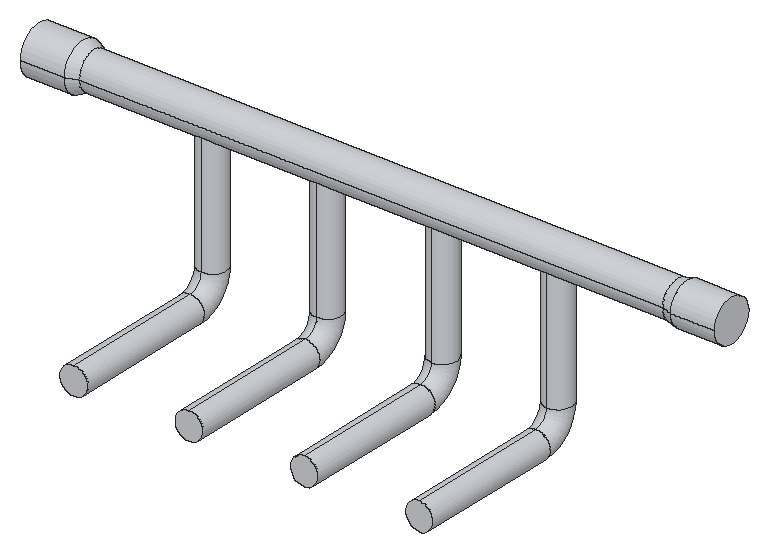
Revit family
Parameters
  Radius_OutletOD = Radius_Outlet + 0.9 mm  # 5.65 mm
  Radius_Outlet = Diameter_Outlet * 0.5  # 4.75 mm
  Radius_InletOD = Radius_Inlet + 0.9 mm  # 7.25 mm
  Radius_Inlet = Diameter_Inlet * 0.5  # 6.35 mm
  Length_W = 60 mm
  Length_L = 240 mm
  Length_H = 55.6 mm
  Distance_D2 = 40 mm
  Distance_D1 = 60 mm
  Diameter_Outlet = 9.5 mm
  Diameter_Inlet = 12.7 mm
Reference planes
  plane 1 "Center (Front/Back)": y = 0
  plane 2: z = 0
  plane 3 "Center (Left/Right)": x = 0
  plane 4: x = -120
  plane 5: x = 120
  plane 6: y = -60
  plane 7: z = -55.6
  plane 8 "가지관1": x = -60
  plane 9: x = 104.73
  plane 10: x = 101.125
  plane 11: x = -104.73
  plane 12: x = -101.125
  plane 13: x = -20.055
  plane 14: x = 19.89
  plane 15: x = 59.836
Forms (mm)
  Sweep 1, solid
    path origin (0, 0, 0) x (1, 0, 0) y (0, 1, 0)
      loop
        line (-120, 0) -> (120, 0)
    profile "Profile_Circle : Profile_Circle_Inlet" origin (0, 0, 0) x (0, 1, 0) y (0, 0, 1)
      loop
        circle (0, 0) r 6.35
  Sweep 2, solid
    path origin (-60, 0, 0) x (0, 1, 0) y (0, 0, 1)
      loop
        line (0, 0) -> (0, -46.1)
        arc (0, -46.1) -> (-2.782, -52.818) -> (-9.5, -55.6) r 9.5
        line (-9.5, -55.6) -> (-60, -55.6)
    profile "Profile_Circle : Profile_Circle_Outlet" origin (-60, 0, -23.05) x (0, 1, 0) y (1, 0, 0)
      loop
        circle (0, 0) r 4.75
  Revolve 3, solid
    sketch origin (0, 0, 0) x (1, 0, 0) y (0, 1, 0)
      loop
        line (120, 0) -> (120, 7.25) -> (104.73, 7.25) -> (101.125, 6.35) -> (101.125, 0) -> (120, 0)
      axis (101.125, 0) -> (120, 0)
    angle from 0 to 360
  Revolve 4, solid
    sketch origin (0, 0, 0) x (-1, 0, 0) y (0, 1, 0)
      loop
        line (120, 0) -> (120, 8.232) -> (104.73, 8.232) -> (101.125, 6.35) -> (101.125, 0) -> (120, 0)
      axis (101.125, 0) -> (120, 0)
    angle from 0 to 360
  Sweep 5, solid
    path origin (-20.055, 0, 0) x (0, 1, 0) y (0, 0, 1)
      loop
        line (0, 0) -> (0, -46.1)
        arc (0, -46.1) -> (-2.782, -52.818) -> (-9.5, -55.6) r 9.5
        line (-9.5, -55.6) -> (-60, -55.6)
    profile "Profile_Circle : Profile_Circle_Outlet" origin (-20.055, 0, -23.05) x (0, 1, 0) y (1, 0, 0)
      loop
        circle (0, 0) r 4.75
  Sweep 6, solid
    path origin (19.89, 0, 0) x (0, 1, 0) y (0, 0, 1)
      loop
        line (0, 0) -> (0, -46.1)
        arc (0, -46.1) -> (-2.782, -52.818) -> (-9.5, -55.6) r 9.5
        line (-9.5, -55.6) -> (-60, -55.6)
    profile "Profile_Circle : Profile_Circle_Outlet" origin (19.89, 0, -23.05) x (0, 1, 0) y (1, 0, 0)
      loop
        circle (0, 0) r 4.75
  Sweep 7, solid
    path origin (59.836, 0, 0) x (0, 1, 0) y (0, 0, 1)
      loop
        line (0, 0) -> (0, -46.1)
        arc (0, -46.1) -> (-2.782, -52.818) -> (-9.5, -55.6) r 9.5
        line (-9.5, -55.6) -> (-60, -55.6)
    profile "Profile_Circle : Profile_Circle_Outlet" origin (59.836, 0, -23.05) x (0, 1, 0) y (1, 0, 0)
      loop
        circle (0, 0) r 4.75
Cuts and joins
  joined: Sweep 1, Revolve 3, Revolve 4
Dimensions and locks
  equal spacing: plane 4, plane 3 "Center (Left/Right)", plane 5
  "Length_W": plane 6 to plane 1 "Center (Front/Back)"
  "Length_L": plane 4 to plane 5
  "Length_H": plane 7 to plane 2
  "Length_H": level to plane 7
  "Distance_D1": plane 4 to plane 8 "가지관1"
  "Radius_InletOD": plane 1 "Center (Front/Back)" to Revolve 3 sketch curve
  "Radius_Inlet": plane 1 "Center (Front/Back)" to Revolve 3 sketch curve
  "Diameter_Outlet": radius of Sweep 2 sketch curve
  "Diameter_Outlet": radius of Sweep 5 sketch curve
  "Diameter_Outlet": radius of Sweep 6 sketch curve
  "Diameter_Outlet": radius of Sweep 7 sketch curve
  aligned and locked: plane 1 "Center (Front/Back)" to Revolve 3 sketch curve
  aligned and locked: plane 9 to Revolve 3 sketch curve
  aligned and locked: Revolve 3 sketch curve to plane 10
  aligned and locked: plane 5 to Revolve 3 sketch curve
  aligned and locked: Revolve 4 sketch curve to plane 11
  aligned and locked: plane 12 to Revolve 4 sketch curve
Automatic sketch dimensions
  plane 1 "Center (Front/Back)" to Sweep 1 sketch curve = 0 mm
  Sweep 1 sketch curve to plane 4 = 0 mm
  Sweep 1 sketch curve to plane 5 = 0 mm
  Revolve 3 sketch curve to plane 5 = 0 mm
  plane 1 "Center (Front/Back)" to Revolve 3 sketch curve = 0 mm
  plane 1 "Center (Front/Back)" to Revolve 4 sketch curve = 0 mm  (x2)
  Revolve 4 sketch curve to plane 4 = 0 mm  (x2)
  Revolve 4 sketch curve to plane 8 "가지관1" = 0.1 mm
  plane 1 "Center (Front/Back)" to Revolve 4 sketch curve = 6.35 mm
  plane 1 "Center (Front/Back)" to Revolve 4 sketch curve = 8.232 mm
  Revolve 3 sketch curve to plane 10 = 41.225 mm
  Sweep 2 sketch curve to Sweep 2 sketch curve = 50.5 mm
  Sweep 2 sketch curve to Sweep 2 sketch curve = 46.1 mm
  Sweep 5 sketch curve to Sweep 5 sketch curve = 50.5 mm
  Sweep 5 sketch curve to Sweep 5 sketch curve = 46.1 mm
  Sweep 6 sketch curve to Sweep 6 sketch curve = 50.5 mm
  Sweep 6 sketch curve to Sweep 6 sketch curve = 46.1 mm
  Sweep 7 sketch curve to Sweep 7 sketch curve = 50.5 mm
  Sweep 7 sketch curve to Sweep 7 sketch curve = 46.1 mm
  Sweep 2 sketch curve to plane 6 = 0 mm
  Sweep 2 sketch curve to plane 7 = 0 mm
  Sweep 5 sketch curve to plane 6 = 0 mm
  Sweep 5 sketch curve to plane 7 = 0 mm
  Sweep 6 sketch curve to plane 6 = 0 mm
  Sweep 6 sketch curve to plane 7 = 0 mm
  Sweep 7 sketch curve to plane 6 = 0 mm
  Sweep 7 sketch curve to plane 7 = 0 mm
